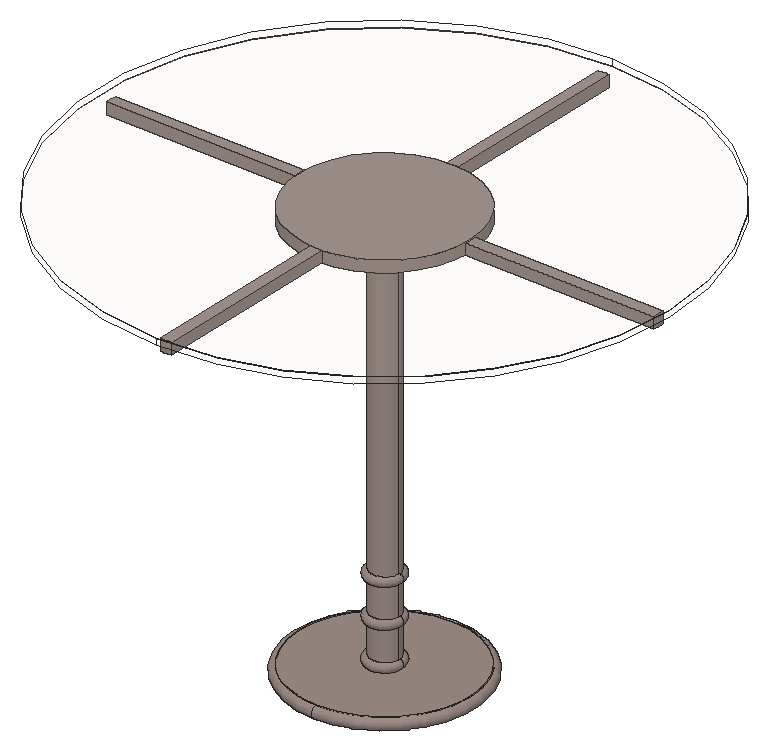
Revit family
Parameters (values of type "1000 mm dia")
  Top Material = Glass - Top
  Base Material = Wood
  Height = 750 mm
  Diameter-Base = 300 mm
  Diameter-Glass = 1000 mm
Reference planes
  plane 1 "Center (Front/Back)": y = 0
  plane 2: z = 0
  plane 3 "Center (Left/Right)": x = 0
  plane 4: x = -500
  plane 5: x = 500
  plane 6: y = 500
  plane 7: y = -500
  plane 8: z = 750
  plane 9: y = 150
  plane 10: y = -150
  plane 11: x = -150
  plane 12: x = 150
Forms (mm)
  Extrusion 1, solid, material "Glass - Top" <- "Top Material"
    sketch origin (0, 0, 750) x (0, 1, 0) y (-1, 0, 0)
      loop
        circle (0, 0) r 500
    from 0 to -12
  Extrusion 2, solid, material "Wood" <- "Base Material"
    sketch origin (0, 0, 750) x (0, 1, 0) y (-1, 0, 0)
      loop
        circle (0, 0) r 150
    from -12 to -32
  Extrusion 3, solid, material "Wood" <- "Base Material"
    sketch origin (0, 0, 0) x (1, 0, 0) y (0, 1, 0)
      loop
        circle (0, 0) r 150
    from 0 to 20
  Extrusion 4, solid, material "Wood" <- "Base Material"
    sketch origin (0, 0, 0) x (1, 0, 0) y (0, 1, 0)
      loop
        circle (0, 0) r 24.87
    from 20 to 718
  Sweep 5, solid, material "Wood" <- "Base Material"
    path in 3D
      loop
        arc (0, 150, 20) -> (150, 0, 20) -> (0, -150, 20) r 150
        arc (0, -150, 20) -> (-150, 0, 20) -> (0, 150, 20) r 150
    profile origin (0, 0, 0) x (-1, 0, 0) y (0, 0, 1)
      loop
        line (150, 20) -> (150, 0)
        arc (150, 0) -> (160, 10) -> (150, 20) r 10
  Sweep 6, solid, material "Wood" <- "Base Material"
    path in 3D
      loop
        arc (24.87, 0, 718) -> (0, -24.87, 718) -> (-24.87, 0, 718) r 24.87
        arc (-24.87, 0, 718) -> (0, 24.87, 718) -> (24.87, 0, 718) r 24.87
    profile origin (0, 0, 0) x (0, 1, 0) y (0, 0, 1)
      loop
        line (24.87, 718) -> (24.87, 702.551)
        arc (24.87, 702.551) -> (32.594, 710.275) -> (24.87, 718) r 7.725
  Sweep 7, solid, material "Wood" <- "Base Material"
    path in 3D
      loop
        arc (24.87, 0, 718) -> (0, -24.87, 718) -> (-24.87, 0, 718) r 24.87
        arc (-24.87, 0, 718) -> (0, 24.87, 718) -> (24.87, 0, 718) r 24.87
    profile origin (0, 0, 0) x (0, 1, 0) y (0, 0, 1)
      loop
        arc (24.87, 20) -> (32.582, 27.713) -> (24.87, 35.425) r 7.713
        line (24.87, 35.425) -> (24.87, 20)
  Sweep 8, solid, material "Wood" <- "Base Material"
    path in 3D
      loop
        arc (-24.87, 0, 305.149) -> (0, 24.87, 305.149) -> (24.87, 0, 305.149) r 24.87
        arc (24.87, 0, 305.149) -> (0, -24.87, 305.149) -> (-24.87, 0, 305.149) r 24.87
    profile origin (0, 0, 0) x (0, -1, 0) y (0, 0, 1)
      loop
        line (24.859, 169.99) -> (24.859, 155)
        arc (24.859, 155) -> (32.354, 162.495) -> (24.859, 169.99) r 7.495
  Sweep 9, solid, material "Wood" <- "Base Material"
    path in 3D
      loop
        arc (-24.87, 0, 237.866) -> (0, 24.87, 237.866) -> (24.87, 0, 237.866) r 24.87
        arc (24.87, 0, 237.866) -> (0, -24.87, 237.866) -> (-24.87, 0, 237.866) r 24.87
    profile origin (0, 0, 0) x (0, -1, 0) y (0, 0, 1)
      loop
        line (24.859, 102.707) -> (24.859, 87.718)
        arc (24.859, 87.718) -> (32.354, 95.213) -> (24.859, 102.707) r 7.495
  Extrusion 10, solid, material "Wood" <- "Base Material"
    sketch origin (0, 0, 750) x (0, 1, 0) y (-1, 0, 0)
      loop
        line (478.939, 10) -> (149.687, 10)
        arc (149.687, 10) -> (150.014, 0) -> (149.687, -10) r 153.253
        line (149.687, -10) -> (478.939, -10)
        arc (478.939, -10) -> (480, 0) -> (478.939, 10) r 47.662
    from -12 to -32
  Extrusion 11, solid, material "Wood" <- "Base Material"
    sketch origin (0, 0, 750) x (0, -1, 0) y (1, 0, 0)
      loop
        arc (478.939, -10) -> (480, 0) -> (478.939, 10) r 47.662
        line (478.939, 10) -> (149.687, 10)
        arc (149.687, 10) -> (150.014, 0) -> (149.687, -10) r 153.253
        line (149.687, -10) -> (478.939, -10)
    from -12 to -32
  Extrusion 12, solid, material "Wood" <- "Base Material"
    sketch origin (0, 0, 750) x (0, 1, 0) y (-1, 0, 0)
      loop
        line (10, -479.456) -> (10, -148.524)
        arc (10, -148.524) -> (0, -148.943) -> (-10, -148.524) r 119.448
        line (-10, -148.524) -> (-10, -479.456)
        arc (-10, -479.456) -> (0, -480.308) -> (10, -479.456) r 59.12
    from -12 to -32
  Extrusion 13, solid, material "Wood" <- "Base Material"
    sketch origin (0, 0, 750) x (0, 1, 0) y (-1, 0, 0)
      loop
        arc (10, 479.456) -> (0, 480.308) -> (-10, 479.456) r 59.12
        line (-10, 479.456) -> (-10, 149.703)
        arc (-10, 149.703) -> (0, 150.123) -> (10, 149.703) r 119.448
        line (10, 149.703) -> (10, 479.456)
    from -12 to -32
Lines and regions (mm)
  sketch lines
    curve 1: arc (0, -150, 20) -> (-150, 0, 20) -> (0, 150, 20) r 150
    curve 2: arc (0, 150, 20) -> (150, 0, 20) -> (0, -150, 20) r 150
    curve 3: arc (-24.87, 0, 718) -> (0, 24.87, 718) -> (24.87, 0, 718) r 24.87
    curve 4: arc (24.87, 0, 718) -> (0, -24.87, 718) -> (-24.87, 0, 718) r 24.87
    curve 5: arc (-24.87, 0, 718) -> (0, 24.87, 718) -> (24.87, 0, 718) r 24.87
    curve 6: arc (24.87, 0, 718) -> (0, -24.87, 718) -> (-24.87, 0, 718) r 24.87
    curve 7: arc (24.87, 0, 305.149) -> (0, -24.87, 305.149) -> (-24.87, 0, 305.149) r 24.87
    curve 8: arc (-24.87, 0, 305.149) -> (0, 24.87, 305.149) -> (24.87, 0, 305.149) r 24.87
    curve 9: arc (24.87, 0, 237.866) -> (0, -24.87, 237.866) -> (-24.87, 0, 237.866) r 24.87
    curve 10: arc (-24.87, 0, 237.866) -> (0, 24.87, 237.866) -> (24.87, 0, 237.866) r 24.87
Dimensions and locks
  equal spacing: plane 4, plane 3 "Center (Left/Right)", plane 5
  "Diameter-Glass": plane 4 to plane 5
  equal spacing: plane 7, plane 1 "Center (Front/Back)", plane 6
  "Diameter-Glass": plane 7 to plane 6
  equal spacing: plane 9, plane 1 "Center (Front/Back)", plane 10
  "Diameter-Base": plane 9 to plane 10
  equal spacing: plane 11, plane 3 "Center (Left/Right)", plane 12
  "Diameter-Base": plane 11 to plane 12
  "Height": plane 8 to level
  aligned and locked: Extrusion 1 sketch curve to plane 6
  aligned and locked: Extrusion 1 sketch curve to plane 7
  aligned and locked: plane 3 "Center (Left/Right)" to Extrusion 2 sketch curve
  aligned and locked: Extrusion 2 sketch curve to plane 10
  aligned and locked: Extrusion 3 sketch curve to Extrusion 2
  aligned and locked: Extrusion 2 to Extrusion 1
  aligned and locked: Extrusion 4 to Extrusion 2
  aligned and locked: Extrusion 4 to Extrusion 3
  aligned and locked: Extrusion 3 to level
  aligned and locked: profile plane to Sweep 5 sketch curve
  aligned and locked: Extrusion 2 to Sweep 6 sketch curve
  aligned and locked: profile plane to Sweep 6 sketch curve
  aligned and locked: Sweep 7 sketch curve to Extrusion 4
  aligned and locked: Extrusion 10 sketch curve to Extrusion 10 sketch curve
  aligned and locked: Extrusion 11 sketch curve to Extrusion 11 sketch curve
  aligned and locked: Extrusion 13 to Extrusion 1
  aligned and locked: Extrusion 12 to Extrusion 1
  aligned and locked: Extrusion 12 to Extrusion 2
  aligned and locked: Extrusion 2 to Extrusion 13
  aligned and locked: Extrusion 10 to Extrusion 2
  aligned and locked: Extrusion 10 to Extrusion 1
  aligned and locked: Extrusion 2 to Extrusion 11
  aligned and locked: Extrusion 11 to Extrusion 1
Automatic sketch dimensions
  Extrusion 1 sketch curve to plane 3 "Center (Left/Right)" = 0 mm
  Extrusion 2 sketch curve to plane 1 "Center (Front/Back)" = 0 mm
  Extrusion 4 sketch curve to plane 1 "Center (Front/Back)" = 0 mm
  Extrusion 4 sketch curve to plane 3 "Center (Left/Right)" = 0 mm
  Sweep 5 sketch curve to Sweep 5 sketch curve = 10 mm
  Sweep 6 sketch curve to Sweep 6 sketch curve = 7.725 mm
  Sweep 7 sketch curve to profile plane = 0 mm
  Sweep 7 sketch curve to Sweep 7 sketch curve = 7.713 mm
  profile plane to Sweep 8 sketch curve = 0.01 mm
  Sweep 8 sketch curve to Sweep 8 sketch curve = 7.495 mm
  profile plane to Sweep 9 sketch curve = 0.01 mm
  Sweep 9 sketch curve to Sweep 9 sketch curve = 7.495 mm
  Extrusion 10 sketch curve to plane 3 "Center (Left/Right)" = 0 mm
  plane 1 "Center (Front/Back)" to Extrusion 10 sketch curve = 3.239 mm
  Extrusion 10 sketch curve to plane 9 = 0.313 mm
  plane 6 to Extrusion 10 sketch curve = 21.061 mm
  plane 3 "Center (Left/Right)" to Extrusion 10 sketch curve = 10 mm
  Extrusion 10 sketch curve to Extrusion 10 sketch curve = 0 mm
  Extrusion 10 sketch curve to Extrusion 10 sketch curve = 46.602 mm
  Extrusion 11 sketch curve to plane 3 "Center (Left/Right)" = 0 mm  (x2)
  Extrusion 11 sketch curve to plane 1 "Center (Front/Back)" = 3.239 mm
  plane 10 to Extrusion 11 sketch curve = 0.313 mm
  Extrusion 11 sketch curve to plane 7 = 67.662 mm
  Extrusion 11 sketch curve to plane 3 "Center (Left/Right)" = 10 mm
  Extrusion 11 sketch curve to plane 7 = 21.061 mm
  Extrusion 12 sketch curve to plane 1 "Center (Front/Back)" = 0 mm  (x2)
  Extrusion 12 sketch curve to plane 12 = 1.476 mm
  plane 1 "Center (Front/Back)" to Extrusion 12 sketch curve = 10 mm
  Extrusion 12 sketch curve to plane 1 "Center (Front/Back)" = 10 mm
  Extrusion 12 sketch curve to plane 5 = 78.811 mm
  Extrusion 12 sketch curve to plane 5 = 20.544 mm
  plane 3 "Center (Left/Right)" to Extrusion 12 sketch curve = 29.495 mm
  Extrusion 13 sketch curve to plane 1 "Center (Front/Back)" = 0 mm  (x2)
  plane 11 to Extrusion 13 sketch curve = 0.297 mm
  plane 1 "Center (Front/Back)" to Extrusion 13 sketch curve = 10 mm
  Extrusion 13 sketch curve to plane 1 "Center (Front/Back)" = 10 mm
  Extrusion 13 sketch curve to plane 3 "Center (Left/Right)" = 30.675 mm
  plane 4 to Extrusion 13 sketch curve = 78.811 mm
  plane 4 to Extrusion 13 sketch curve = 20.544 mm
  radius of Extrusion 4 sketch curve = 24.87 mm
